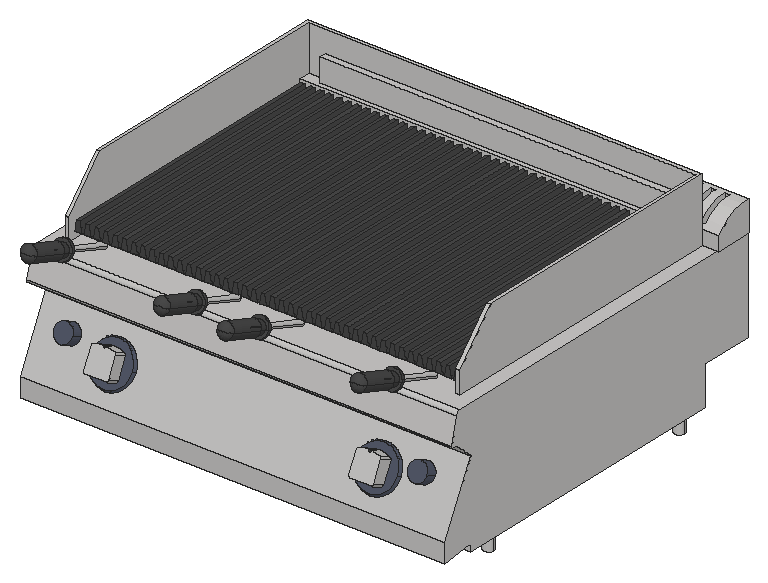
Revit family "QF_ZANUSSI_372045_Z7GRGHLC00", category Specialty Equipment, Revit 2018 (continued)
Automatic sketch dimensions
  Revolve 11 sketch curve to Revolve 11 sketch curve = 3.862 mm
  Revolve 11 sketch curve to Revolve 11 sketch curve = 15.473 mm
  Revolve 11 sketch curve to Revolve 11 sketch curve = 63.539 mm
  Revolve 11 sketch curve to Revolve 11 sketch curve = 4.679 mm
  Revolve 11 sketch curve to Revolve 11 sketch curve = 0.229 mm
  Revolve 11 sketch curve to Revolve 11 sketch curve = 14.082 mm
  Revolve 11 sketch curve to Revolve 11 sketch curve = 6.757 mm
  Extrusion 12 sketch curve to Extrusion 9 = 0 mm
  Extrusion 12 sketch curve to Extrusion 9 = 9.562 mm
  Extrusion 12 sketch curve to Extrusion 9 = 29.948 mm
  Extrusion 12 sketch curve to Extrusion 9 = 29.815 mm
  Extrusion 14 sketch curve to plane 9 "BASE" = 0 mm
  Extrusion 14 sketch curve to plane 14 = 50.304 mm
  Extrusion 14 sketch curve to Extrusion 14 sketch curve = 3.175 mm
  Extrusion 14 sketch curve to plane 9 "BASE" = 3.2 mm
  Extrusion 14 sketch curve to Extrusion 14 sketch curve = 20.171 mm
  level to Extrusion 14 sketch curve = 3.812 mm  (x2)
  Extrusion 14 sketch curve to plane 12 = 46.037 mm
  Extrusion 15 sketch curve to Extrusion 14 = 0 mm  (x3)
  Extrusion 14 to Extrusion 15 sketch curve = 0 mm
  Extrusion 19 sketch curve to plane 4 "RIGHT" = 88.812 mm
  Revolve 20 sketch curve to plane 4 "RIGHT" = 88.646 mm
  Revolve 20 sketch curve to Revolve 20 sketch curve = 0.2 mm
  Revolve 20 sketch curve to Revolve 20 sketch curve = 11.837 mm
  Revolve 20 sketch curve to Revolve 20 sketch curve = 2.728 mm
  Revolve 20 sketch curve to Revolve 20 sketch curve = 6.357 mm
  Revolve 20 sketch curve to Revolve 20 sketch curve = 10.428 mm
  Revolve 20 sketch curve to Revolve 20 sketch curve = 63.539 mm
  Revolve 20 sketch curve to Revolve 20 sketch curve = 15.473 mm
  Revolve 20 sketch curve to Revolve 20 sketch curve = 3.862 mm
  Revolve 20 sketch curve to Revolve 20 sketch curve = 0.229 mm
  Revolve 20 sketch curve to Revolve 20 sketch curve = 6.757 mm
  Revolve 20 sketch curve to Revolve 20 sketch curve = 14.082 mm
  plane 1 "BACK" to Extrusion 22 sketch curve = 6.761 mm  (x14)
  Extrusion 22 sketch curve to Extrusion 22 sketch curve = 57.15 mm
  Extrusion 22 sketch curve to Extrusion 22 sketch curve = 0 mm  (x13)
  plane 3 "LEFT" to Extrusion 22 sketch curve = 29.703 mm
  Extrusion 22 sketch curve to Extrusion 22 sketch curve = 9.296 mm  (x14)
  Extrusion 22 sketch curve to Extrusion 22 sketch curve = 16.193 mm  (x13)
  Blend 25 sketch curve to plane 4 "RIGHT" = 150 mm  (x2)
  Extrusion 26 sketch curve to plane 4 "RIGHT" = 173 mm
  Extrusion 26 sketch curve to Extrusion 26 sketch curve = 2.997 mm  (x3)
  Extrusion 26 sketch curve to Extrusion 26 sketch curve = 20.003 mm  (x2)
  Extrusion 26 sketch curve to Extrusion 26 sketch curve = 40.005 mm
  Extrusion 26 sketch curve to Extrusion 26 sketch curve = 5.399 mm
  Extrusion 26 sketch curve to Extrusion 26 sketch curve = 40.037 mm
  Extrusion 26 sketch curve to Extrusion 26 sketch curve = 0 mm  (x2)
  Extrusion 28 sketch curve to plane 4 "RIGHT" = 167.5 mm
  Extrusion 28 sketch curve to Extrusion 28 sketch curve = 35 mm  (x2)
  Split face 2 sketch curve to Split face 2 sketch curve = 6 mm
  Split face 2 sketch curve to Split face 2 sketch curve = 10 mm
  Split face 3 sketch curve to Split face 3 sketch curve = 5 mm
  Split face 3 sketch curve to Split face 3 sketch curve = 9 mm
  Split face 4 sketch curve to Split face 4 sketch curve = 5 mm
  Split face 5 sketch curve to Split face 5 sketch curve = 5 mm
  Extrusion 29 sketch curve to plane 4 "RIGHT" = 66 mm
  Extrusion 30 sketch curve to plane 4 "RIGHT" = 66 mm
  plane 3 "LEFT" to Blend 31 sketch curve = 150 mm  (x2)
  plane 3 "LEFT" to Extrusion 32 sketch curve = 127 mm
  Extrusion 32 sketch curve to Extrusion 32 sketch curve = 2.997 mm  (x3)
  Extrusion 32 sketch curve to Extrusion 32 sketch curve = 20.003 mm  (x2)
  Extrusion 32 sketch curve to Extrusion 32 sketch curve = 40.005 mm
  Extrusion 32 sketch curve to Extrusion 32 sketch curve = 5.399 mm
  Extrusion 32 sketch curve to Extrusion 32 sketch curve = 40.037 mm
  Extrusion 32 sketch curve to Extrusion 32 sketch curve = 0 mm  (x2)
  plane 3 "LEFT" to Extrusion 34 sketch curve = 132.5 mm
  Extrusion 34 sketch curve to Extrusion 34 sketch curve = 35 mm  (x2)
  Split face 10 sketch curve to Split face 10 sketch curve = 6 mm
  Split face 10 sketch curve to Split face 10 sketch curve = 10 mm
  Split face 11 sketch curve to Split face 11 sketch curve = 5 mm
  Split face 11 sketch curve to Split face 11 sketch curve = 9 mm
  Split face 12 sketch curve to Split face 12 sketch curve = 5 mm
  Split face 13 sketch curve to Split face 13 sketch curve = 5 mm
  plane 3 "LEFT" to Extrusion 35 sketch curve = 66 mm
  plane 3 "LEFT" to Extrusion 36 sketch curve = 66 mm
  curve 30 to plane 4 "RIGHT" = 0 mm
  plane 5 "FRONT" to curve 16 = 0 mm
  curve 5 to plane 3 "LEFT" = 0 mm
  plane 5 "FRONT" to curve 3 = 0 mm
  plane 1 "BACK" to curve 27 = 0 mm
  curve 14 to plane 4 "RIGHT" = 28.675 mm
  curve 14 to curve 9 = 6.35 mm
  curve 9 to curve 18 = 1.554 mm
  plane 3 "LEFT" to curve 18 = 36.446 mm
  curve 17 to curve 10 = 1.421 mm
  curve 7 to curve 12 = 6.35 mm
  curve 4 to plane 3 "LEFT" = 150.019 mm
  curve 3 to plane 1 "BACK" = 150.019 mm
  plane 1 "BACK" to curve 13 = 73.535 mm
  curve 13 to curve 10 = 6.35 mm
  curve 9 to curve 18 = 22.49 mm
  plane 11 to curve 15 = 47 mm
  plane 11 to curve 12 = 47 mm
  curve 6 to plane 5 "FRONT" = 0.004 mm
  curve 11 to plane 4 "RIGHT" = 69.456 mm
  curve 4 to plane 4 "RIGHT" = 107.856 mm
  curve 16 to curve 5 = 83.812 mm
  curve 30 to curve 12 = 3.685 mm
  curve 28 to curve 30 = 0 mm
  curve 19 to curve 9 = 0.421 mm
  curve 144 to plane 3 "LEFT" = 0 mm
  plane 14 to curve 180 = 0 mm
  plane 14 to curve 241 = 0 mm
  plane 5 "FRONT" to curve 179 = 0 mm
  plane 5 "FRONT" to curve 177 = 0 mm
  plane 5 "FRONT" to curve 243 = 0 mm
  plane 14 to curve 242 = 0 mm
  plane 1 "BACK" to curve 87 = 0 mm
  curve 87 to plane 7 "Center Y" = 0 mm
  plane 5 "FRONT" to curve 244 = 0 mm
  plane 14 to curve 245 = 0 mm
  plane 5 "FRONT" to curve 178 = 0 mm
  plane 5 "FRONT" to curve 246 = 0 mm
  plane 14 to curve 247 = 0 mm
  curve 247 to plane 4 "RIGHT" = 0 mm
  curve 246 to plane 4 "RIGHT" = 0 mm
  plane 1 "BACK" to curve 31 = 6.761 mm
  plane 3 "LEFT" to curve 31 = 29.703 mm
  curve 32 to curve 33 = 9.296 mm
  plane 1 "BACK" to curve 36 = 6.761 mm
  curve 31 to curve 36 = 16.193 mm
  curve 35 to curve 38 = 9.296 mm
  plane 5 "FRONT" to curve 193 = 27.733 mm
  plane 3 "LEFT" to curve 193 = 74.08 mm
  plane 5 "FRONT" to curve 193 = 13.194 mm
  curve 186 to curve 193 = 2.728 mm
  curve 37 to curve 40 = 16.193 mm
  curve 185 to curve 181 = 7.003 mm
  curve 191 to curve 190 = 14.795 mm
  curve 40 to curve 41 = 9.296 mm
  curve 181 to curve 182 = 10 mm
  curve 182 to curve 194 = 7.13 mm
  plane 1 "BACK" to curve 43 = 6.761 mm
  curve 39 to curve 43 = 16.193 mm
  curve 43 to curve 46 = 9.296 mm
  plane 5 "FRONT" to curve 145 = 9.347 mm
  curve 194 to curve 145 = 26.059 mm
  curve 145 to curve 146 = 0.809 mm
  curve 149 to curve 149 = 1.583 mm
  curve 146 to curve 147 = 1.846 mm
  curve 146 to curve 160 = 2.189 mm
  plane 1 "BACK" to curve 47 = 6.761 mm
  curve 43 to curve 47 = 16.193 mm
  curve 145 to curve 148 = 11.892 mm
  curve 48 to curve 50 = 9.296 mm
  plane 14 to curve 152 = 5.671 mm
  curve 149 to curve 152 = 20.417 mm
  curve 190 to curve 150 = 45.462 mm
  curve 150 to curve 159 = 1.738 mm
  curve 151 to curve 153 = 2 mm
  curve 49 to curve 53 = 16.193 mm
  curve 148 to curve 157 = 22.215 mm
  curve 52 to curve 54 = 9.296 mm
  curve 152 to curve 160 = 19.003 mm
  curve 160 to curve 156 = 0.343 mm
  curve 156 to curve 158 = 1.071 mm
  curve 156 to curve 155 = 2.189 mm
  curve 155 to curve 154 = 0.809 mm
  plane 1 "BACK" to curve 55 = 6.761 mm
  curve 51 to curve 55 = 16.193 mm
  curve 56 to curve 57 = 9.296 mm
  curve 57 to curve 60 = 16.193 mm
  curve 60 to curve 61 = 9.296 mm
  plane 1 "BACK" to curve 63 = 6.761 mm
  curve 59 to curve 63 = 16.193 mm
  curve 63 to curve 66 = 9.296 mm
  curve 65 to curve 69 = 16.193 mm
  curve 68 to curve 70 = 9.296 mm
  curve 69 to curve 72 = 16.193 mm
  curve 71 to curve 74 = 9.296 mm
  curve 73 to curve 77 = 16.193 mm
  curve 75 to curve 78 = 9.296 mm
  curve 206 to plane 7 "Center Y" = 74.868 mm
  plane 5 "FRONT" to curve 208 = 13.194 mm
  curve 201 to curve 208 = 2.728 mm
  curve 196 to plane 7 "Center Y" = 65.137 mm
  plane 1 "BACK" to curve 80 = 6.761 mm
  curve 75 to curve 80 = 16.193 mm
  curve 205 to curve 205 = 14.795 mm
  curve 80 to curve 81 = 9.296 mm
  curve 198 to curve 197 = 10 mm
  curve 198 to curve 209 = 7.13 mm
  plane 1 "BACK" to curve 84 = 6.761 mm
  curve 79 to curve 84 = 16.193 mm
  curve 83 to curve 86 = 9.296 mm
  plane 1 "BACK" to curve 140 = 6.761 mm
  plane 7 "Center Y" to curve 140 = 29.703 mm
  curve 142 to curve 142 = 9.296 mm
  plane 7 "Center Y" to curve 221 = 45.405 mm
  plane 5 "FRONT" to curve 223 = 13.194 mm
  curve 216 to curve 223 = 2.728 mm
  curve 223 to curve 211 = 7.003 mm
  curve 141 to curve 138 = 16.193 mm
  curve 220 to curve 220 = 14.795 mm
  curve 136 to curve 136 = 9.296 mm
  curve 225 to curve 212 = 10 mm
  curve 212 to curve 224 = 7.13 mm
  plane 1 "BACK" to curve 132 = 6.761 mm
  curve 136 to curve 132 = 16.193 mm
  curve 134 to curve 133 = 9.296 mm
  curve 133 to curve 130 = 16.193 mm
  curve 130 to curve 129 = 9.296 mm
  plane 1 "BACK" to curve 124 = 6.761 mm
  curve 128 to curve 124 = 16.193 mm
  curve 126 to curve 125 = 9.296 mm
  curve 125 to curve 123 = 16.193 mm
  curve 122 to curve 122 = 9.296 mm
  plane 1 "BACK" to curve 119 = 6.761 mm
  curve 120 to curve 119 = 16.193 mm
  curve 118 to curve 117 = 9.296 mm
  plane 1 "BACK" to curve 112 = 6.761 mm
  curve 116 to curve 112 = 16.193 mm
  curve 112 to curve 112 = 9.296 mm
  plane 5 "FRONT" to curve 170 = 9.347 mm
  curve 216 to curve 170 = 152.055 mm
  curve 171 to curve 171 = 0.809 mm
  curve 174 to curve 174 = 1.583 mm
  curve 171 to curve 172 = 1.846 mm
  curve 171 to curve 176 = 2.189 mm
  plane 1 "BACK" to curve 111 = 6.761 mm
  curve 112 to curve 111 = 16.193 mm
  curve 170 to curve 173 = 11.892 mm
  curve 108 to curve 109 = 9.296 mm
  plane 14 to curve 168 = 5.671 mm
  curve 174 to curve 168 = 20.417 mm
  curve 176 to curve 175 = 19.134 mm
  curve 175 to curve 166 = 1.738 mm
  curve 168 to curve 167 = 2 mm
  curve 109 to curve 107 = 16.193 mm
  curve 173 to curve 164 = 22.215 mm
  curve 106 to curve 106 = 9.296 mm
  curve 167 to curve 176 = 19.003 mm
  curve 163 to curve 163 = 0.343 mm
  curve 163 to curve 165 = 1.071 mm
  curve 163 to curve 162 = 2.189 mm
  curve 162 to curve 161 = 0.809 mm
  plane 1 "BACK" to curve 103 = 6.761 mm
  curve 104 to curve 103 = 16.193 mm
  curve 100 to curve 100 = 9.296 mm
  curve 161 to curve 236 = 23.457 mm
  plane 5 "FRONT" to curve 238 = 13.194 mm
  curve 231 to curve 238 = 2.728 mm
  curve 238 to curve 226 = 7.003 mm
  plane 1 "BACK" to curve 96 = 6.761 mm
  curve 100 to curve 96 = 16.193 mm
  curve 236 to curve 235 = 14.795 mm
  curve 228 to curve 227 = 10 mm
  curve 98 to curve 98 = 9.296 mm
  curve 228 to curve 239 = 7.13 mm
  curve 97 to curve 94 = 16.193 mm
  curve 92 to curve 93 = 9.296 mm
  curve 93 to curve 90 = 16.193 mm
  curve 88 to curve 88 = 9.296 mm
  curve 237 to curve 230 = 14.54 mm
  curve 209 to curve 209 = 14.54 mm
  curve 205 to curve 201 = 59.573 mm
  curve 235 to curve 231 = 59.573 mm
  curve 190 to curve 186 = 59.573 mm
  curve 220 to curve 215 = 74.112 mm
  curve 206 to curve 205 = 4.531 mm
  curve 236 to curve 235 = 4.531 mm
  curve 222 to curve 220 = 4.531 mm
  curve 192 to curve 190 = 4.531 mm
  curve 150 to curve 190 = 5.683 mm
  curve 175 to curve 232 = 5.683 mm
  curve 150 to curve 159 = 0 mm
  curve 175 to curve 166 = 0 mm
  curve 224 to curve 215 = 14.54 mm
  curve 176 to curve 171 = 1.333 mm
  curve 160 to curve 146 = 1.333 mm
  curve 215 to curve 211 = 3.621 mm
  curve 200 to curve 197 = 3.621 mm
  curve 185 to curve 181 = 3.621 mm
  curve 230 to curve 226 = 3.621 mm
  curve 156 to curve 155 = 1.333 mm
  curve 163 to curve 162 = 1.333 mm
  curve 146 to curve 147 = 2.779 mm
  curve 171 to curve 172 = 2.779 mm
  curve 162 to curve 163 = 2.779 mm
  curve 155 to curve 156 = 2.779 mm
  plane 14 to curve 174 = 7.106 mm
  plane 14 to curve 149 = 7.106 mm
  plane 14 to curve 158 = 7.106 mm
  plane 14 to curve 165 = 7.106 mm
  curve 148 to plane 14 = 36.239 mm
  curve 148 to curve 157 = 0 mm
  curve 173 to plane 14 = 36.239 mm
  curve 173 to curve 164 = 0 mm
  plane 11 to curve 211 = 30.603 mm
  plane 11 to curve 197 = 30.603 mm
  plane 11 to curve 226 = 30.603 mm
  plane 11 to curve 182 = 30.603 mm
  curve 130 to curve 132 = 57.15 mm
  curve 41 to curve 43 = 57.15 mm
  curve 129 to curve 127 = 0 mm
  curve 41 to curve 44 = 0 mm
  curve 125 to curve 123 = 0 mm
  curve 45 to curve 48 = 0 mm
  curve 38 to curve 40 = 0 mm
  curve 133 to curve 130 = 0 mm
  curve 121 to curve 119 = 0 mm
  curve 49 to curve 52 = 0 mm
  curve 117 to curve 115 = 0 mm
  curve 53 to curve 56 = 0 mm
  curve 113 to curve 111 = 0 mm
  curve 109 to curve 107 = 0 mm
  curve 138 to curve 134 = 0 mm
  curve 57 to curve 60 = 0 mm
  curve 105 to curve 103 = 0 mm
  curve 61 to curve 64 = 0 mm
  curve 101 to curve 99 = 0 mm
  curve 34 to curve 36 = 0 mm
  curve 141 to curve 138 = 0 mm
  curve 65 to curve 68 = 0 mm
  curve 97 to curve 95 = 0 mm
  curve 69 to curve 72 = 0 mm
  curve 93 to curve 91 = 0 mm
  curve 73 to curve 76 = 0 mm
  curve 77 to curve 86 = 0 mm
  curve 82 to curve 84 = 0 mm
  plane 1 "BACK" to curve 78 = 6.761 mm
  plane 1 "BACK" to curve 88 = 6.761 mm
  plane 1 "BACK" to curve 74 = 6.761 mm
  plane 1 "BACK" to curve 92 = 6.761 mm
  plane 1 "BACK" to curve 70 = 6.761 mm
  plane 1 "BACK" to curve 62 = 6.761 mm
  plane 1 "BACK" to curve 104 = 6.761 mm
  plane 1 "BACK" to curve 54 = 6.761 mm
  plane 1 "BACK" to curve 120 = 6.761 mm
  plane 1 "BACK" to curve 128 = 6.761 mm
  plane 1 "BACK" to curve 42 = 6.761 mm
  plane 1 "BACK" to curve 136 = 6.761 mm
  curve 180 to plane 14 = 3.305 mm
  curve 180 to curve 144 = 35.812 mm
  curve 180 to curve 180 = 1.605 mm
  curve 180 to curve 180 = 16.395 mm
  curve 188 to curve 193 = 6.357 mm
  curve 184 to curve 189 = 0 mm
  curve 188 to curve 185 = 0 mm  (x2)
  curve 183 to curve 184 = 0.063 mm
  curve 148 to curve 145 = 9.809 mm
  curve 149 to curve 149 = 0.284 mm
  curve 158 to curve 159 = 0.284 mm
  curve 154 to curve 157 = 9.809 mm
  curve 203 to curve 208 = 6.357 mm
  curve 199 to curve 203 = 0 mm
  curve 198 to curve 199 = 0.063 mm
  curve 204 to curve 200 = 0 mm
  curve 214 to curve 223 = 6.357 mm
  curve 219 to curve 214 = 0 mm
  curve 219 to curve 215 = 0 mm
  curve 213 to curve 214 = 0.063 mm
  curve 173 to curve 170 = 9.809 mm
  curve 174 to curve 174 = 0.284 mm
  curve 165 to curve 166 = 0.284 mm
  curve 161 to curve 164 = 9.809 mm
  curve 234 to curve 230 = 6.357 mm
  curve 229 to curve 234 = 0 mm
  curve 234 to curve 230 = 0 mm
  curve 228 to curve 229 = 0.063 mm
  curve 218 to curve 215 = 0 mm
  curve 233 to curve 230 = 0 mm
  curve 204 to curve 208 = 0 mm
  curve 189 to curve 184 = 3.629 mm
  curve 234 to curve 229 = 3.629 mm
  curve 219 to curve 214 = 3.629 mm
  curve 203 to curve 199 = 3.629 mm
  curve 174 to curve 174 = 0.567 mm
  curve 149 to curve 149 = 0.567 mm
  curve 158 to curve 158 = 0.567 mm
  curve 165 to curve 165 = 0.567 mm
  curve 87 to curve 85 = 5.939 mm
  plane 11 to Extrusion 1 sketch curve = 117.116 mm
  Extrusion 1 sketch curve to plane 6 "TOP" = 67.989 mm
  plane 11 to Extrusion 1 sketch curve = 101.999 mm
  Extrusion 1 sketch curve to Extrusion 1 sketch curve = 2.884 mm
  Extrusion 1 sketch curve to plane 13 = 129.474 mm
  Extrusion 1 sketch curve to Extrusion 1 sketch curve = 13.051 mm
  Extrusion 1 sketch curve to plane 6 "TOP" = 71.816 mm
  Extrusion 1 sketch curve to Extrusion 1 sketch curve = 10.198 mm
  Extrusion 1 sketch curve to plane 13 = 122 mm
  Extrusion 1 sketch curve to Extrusion 1 sketch curve = 56.355 mm
  Extrusion 1 sketch curve to Extrusion 1 sketch curve = 0.445 mm
  Extrusion 1 sketch curve to Extrusion 1 sketch curve = 3.2 mm
  Extrusion 1 sketch curve to plane 6 "TOP" = 103.636 mm
  Extrusion 1 sketch curve to Extrusion 1 sketch curve = 31.82 mm
  plane 1 "BACK" to Extrusion 1 sketch curve = 103 mm
  Extrusion 1 sketch curve to plane 1 "BACK" = 0 mm
  Extrusion 1 sketch curve to plane 10 "TOP A" = 176 mm
  Extrusion 1 sketch curve to plane 10 "TOP A" = 209.492 mm
  Extrusion 1 sketch curve to Extrusion 1 sketch curve = 27.08 mm
  Extrusion 1 sketch curve to Extrusion 1 sketch curve = 35 mm
  Extrusion 1 sketch curve to Extrusion 1 sketch curve = 74 mm
  radius of Extrusion 13 sketch curve = 5 mm
  radius of Extrusion 17 sketch curve = 5 mm
  radius of Extrusion 2 sketch curve = 9.525 mm  (x4)
  radius of Extrusion 3 sketch curve = 6.35 mm
  radius of Extrusion 10 sketch curve = 5 mm
  radius of Extrusion 19 sketch curve = 5 mm
  radius of Blend 25 sketch curve = 42.5 mm
  radius of Blend 25 sketch curve = 40.5 mm
  radius of Split face 1 sketch curve = 3 mm
  radius of Split face 6 sketch curve = 1.5 mm
  radius of Split face 7 sketch curve = 2.029 mm
  radius of Split face 8 sketch curve = 3.497 mm
  radius of Extrusion 29 sketch curve = 18 mm
  radius of Extrusion 30 sketch curve = 15 mm
  radius of Blend 31 sketch curve = 42.5 mm
  radius of Blend 31 sketch curve = 40.5 mm
  radius of Split face 9 sketch curve = 3 mm
  radius of Split face 14 sketch curve = 1.5 mm
  radius of Split face 15 sketch curve = 2.029 mm
  radius of Split face 16 sketch curve = 3.497 mm
  radius of Extrusion 35 sketch curve = 18 mm
  radius of Extrusion 36 sketch curve = 15 mm
Nested families
  nested 1: "QF_372045_GRILL" at (36.446, -102.375, 287.338), type "QF_372045_GRILL"
    with Type Mark "", Specification by User "", Revision Code "", Item Number "", Installed By "", Identify Quantity as Lot yes, Furnished By "", Foodservice Equipment Identifier yes
  nested 2: "QF_372045_GRILL" at (750.821, -102.375, 287.338), type "QF_372045_GRILL"
    with Type Mark "", Specification by User "", Revision Code "", Item Number "", Installed By "", Identify Quantity as Lot yes, Furnished By "", Foodservice Equipment Identifier yes
  nested 3: "QF_372045_GRILL" at (53.869, -102.375, 287.338), type "QF_372045_GRILL"
    with Type Mark "", Specification by User "", Revision Code "", Item Number "", Installed By "", Identify Quantity as Lot yes, Furnished By "", Foodservice Equipment Identifier yes
  nested 4: "QF_372045_GRILL" at (71.293, -102.375, 287.338), type "QF_372045_GRILL"
    with Type Mark "", Specification by User "", Revision Code "", Item Number "", Installed By "", Identify Quantity as Lot yes, Furnished By "", Foodservice Equipment Identifier yes
  nested 5: "QF_372045_GRILL" at (88.717, -102.375, 287.338), type "QF_372045_GRILL"
    with Type Mark "", Specification by User "", Revision Code "", Item Number "", Installed By "", Identify Quantity as Lot yes, Furnished By "", Foodservice Equipment Identifier yes
  nested 6: "QF_372045_GRILL" at (106.141, -102.375, 287.338), type "QF_372045_GRILL"
    with Type Mark "", Specification by User "", Revision Code "", Item Number "", Installed By "", Identify Quantity as Lot yes, Furnished By "", Foodservice Equipment Identifier yes
  nested 7: "QF_372045_GRILL" at (123.564, -102.375, 287.338), type "QF_372045_GRILL"
    with Type Mark "", Specification by User "", Revision Code "", Item Number "", Installed By "", Identify Quantity as Lot yes, Furnished By "", Foodservice Equipment Identifier yes
  nested 8: "QF_372045_GRILL" at (140.988, -102.375, 287.338), type "QF_372045_GRILL"
    with Type Mark "", Specification by User "", Revision Code "", Item Number "", Installed By "", Identify Quantity as Lot yes, Furnished By "", Foodservice Equipment Identifier yes
  nested 9: "QF_372045_GRILL" at (158.412, -102.375, 287.338), type "QF_372045_GRILL"
    with Type Mark "", Specification by User "", Revision Code "", Item Number "", Installed By "", Identify Quantity as Lot yes, Furnished By "", Foodservice Equipment Identifier yes
  nested 10: "QF_372045_GRILL" at (175.836, -102.375, 287.338), type "QF_372045_GRILL"
    with Type Mark "", Specification by User "", Revision Code "", Item Number "", Installed By "", Identify Quantity as Lot yes, Furnished By "", Foodservice Equipment Identifier yes
  nested 11: "QF_372045_GRILL" at (193.26, -102.375, 287.338), type "QF_372045_GRILL"
    with Type Mark "", Specification by User "", Revision Code "", Item Number "", Installed By "", Identify Quantity as Lot yes, Furnished By "", Foodservice Equipment Identifier yes
  nested 12: "QF_372045_GRILL" at (210.683, -102.375, 287.338), type "QF_372045_GRILL"
    with Type Mark "", Specification by User "", Revision Code "", Item Number "", Installed By "", Identify Quantity as Lot yes, Furnished By "", Foodservice Equipment Identifier yes
  nested 13: "QF_372045_GRILL" at (228.107, -102.375, 287.338), type "QF_372045_GRILL"
    with Type Mark "", Specification by User "", Revision Code "", Item Number "", Installed By "", Identify Quantity as Lot yes, Furnished By "", Foodservice Equipment Identifier yes
  nested 14: "QF_372045_GRILL" at (245.531, -102.375, 287.338), type "QF_372045_GRILL"
    with Type Mark "", Specification by User "", Revision Code "", Item Number "", Installed By "", Identify Quantity as Lot yes, Furnished By "", Foodservice Equipment Identifier yes
  nested 15: "QF_372045_GRILL" at (262.955, -102.375, 287.338), type "QF_372045_GRILL"
    with Type Mark "", Specification by User "", Revision Code "", Item Number "", Installed By "", Identify Quantity as Lot yes, Furnished By "", Foodservice Equipment Identifier yes
  nested 16: "QF_372045_GRILL" at (280.378, -102.375, 287.338), type "QF_372045_GRILL"
    with Type Mark "", Specification by User "", Revision Code "", Item Number "", Installed By "", Identify Quantity as Lot yes, Furnished By "", Foodservice Equipment Identifier yes
  nested 17: "QF_372045_GRILL" at (297.802, -102.375, 287.338), type "QF_372045_GRILL"
    with Type Mark "", Specification by User "", Revision Code "", Item Number "", Installed By "", Identify Quantity as Lot yes, Furnished By "", Foodservice Equipment Identifier yes
  nested 18: "QF_372045_GRILL" at (315.226, -102.375, 287.338), type "QF_372045_GRILL"
    with Type Mark "", Specification by User "", Revision Code "", Item Number "", Installed By "", Identify Quantity as Lot yes, Furnished By "", Foodservice Equipment Identifier yes
  nested 19: "QF_372045_GRILL" at (332.65, -102.375, 287.338), type "QF_372045_GRILL"
    with Type Mark "", Specification by User "", Revision Code "", Item Number "", Installed By "", Identify Quantity as Lot yes, Furnished By "", Foodservice Equipment Identifier yes
  nested 20: "QF_372045_GRILL" at (350.074, -102.375, 287.338), type "QF_372045_GRILL"
    with Type Mark "", Specification by User "", Revision Code "", Item Number "", Installed By "", Identify Quantity as Lot yes, Furnished By "", Foodservice Equipment Identifier yes
  nested 21: "QF_372045_GRILL" at (367.497, -102.375, 287.338), type "QF_372045_GRILL"
    with Type Mark "", Specification by User "", Revision Code "", Item Number "", Installed By "", Identify Quantity as Lot yes, Furnished By "", Foodservice Equipment Identifier yes
  nested 22: "QF_372045_GRILL" at (384.921, -102.375, 287.338), type "QF_372045_GRILL"
    with Type Mark "", Specification by User "", Revision Code "", Item Number "", Installed By "", Identify Quantity as Lot yes, Furnished By "", Foodservice Equipment Identifier yes
  nested 23: "QF_372045_GRILL" at (402.345, -102.375, 287.338), type "QF_372045_GRILL"
    with Type Mark "", Specification by User "", Revision Code "", Item Number "", Installed By "", Identify Quantity as Lot yes, Furnished By "", Foodservice Equipment Identifier yes
  nested 24: "QF_372045_GRILL" at (419.769, -102.375, 287.338), type "QF_372045_GRILL"
    with Type Mark "", Specification by User "", Revision Code "", Item Number "", Installed By "", Identify Quantity as Lot yes, Furnished By "", Foodservice Equipment Identifier yes
  nested 25: "QF_372045_GRILL" at (437.192, -102.375, 287.338), type "QF_372045_GRILL"
    with Type Mark "", Specification by User "", Revision Code "", Item Number "", Installed By "", Identify Quantity as Lot yes, Furnished By "", Foodservice Equipment Identifier yes
  nested 26: "QF_372045_GRILL" at (454.616, -102.375, 287.338), type "QF_372045_GRILL"
    with Type Mark "", Specification by User "", Revision Code "", Item Number "", Installed By "", Identify Quantity as Lot yes, Furnished By "", Foodservice Equipment Identifier yes
  nested 27: "QF_372045_GRILL" at (472.04, -102.375, 287.338), type "QF_372045_GRILL"
    with Type Mark "", Specification by User "", Revision Code "", Item Number "", Installed By "", Identify Quantity as Lot yes, Furnished By "", Foodservice Equipment Identifier yes
  nested 28: "QF_372045_GRILL" at (489.464, -102.375, 287.338), type "QF_372045_GRILL"
    with Type Mark "", Specification by User "", Revision Code "", Item Number "", Installed By "", Identify Quantity as Lot yes, Furnished By "", Foodservice Equipment Identifier yes
  nested 29: "QF_372045_GRILL" at (506.888, -102.375, 287.338), type "QF_372045_GRILL"
    with Type Mark "", Specification by User "", Revision Code "", Item Number "", Installed By "", Identify Quantity as Lot yes, Furnished By "", Foodservice Equipment Identifier yes
  nested 30: "QF_372045_GRILL" at (524.311, -102.375, 287.338), type "QF_372045_GRILL"
    with Type Mark "", Specification by User "", Revision Code "", Item Number "", Installed By "", Identify Quantity as Lot yes, Furnished By "", Foodservice Equipment Identifier yes
  nested 31: "QF_372045_GRILL" at (541.735, -102.375, 287.338), type "QF_372045_GRILL"
    with Type Mark "", Specification by User "", Revision Code "", Item Number "", Installed By "", Identify Quantity as Lot yes, Furnished By "", Foodservice Equipment Identifier yes
  nested 32: "QF_372045_GRILL" at (559.159, -102.375, 287.338), type "QF_372045_GRILL"
    with Type Mark "", Specification by User "", Revision Code "", Item Number "", Installed By "", Identify Quantity as Lot yes, Furnished By "", Foodservice Equipment Identifier yes
  nested 33: "QF_372045_GRILL" at (576.583, -102.375, 287.338), type "QF_372045_GRILL"
    with Type Mark "", Specification by User "", Revision Code "", Item Number "", Installed By "", Identify Quantity as Lot yes, Furnished By "", Foodservice Equipment Identifier yes
  nested 34: "QF_372045_GRILL" at (594.007, -102.375, 287.338), type "QF_372045_GRILL"
    with Type Mark "", Specification by User "", Revision Code "", Item Number "", Installed By "", Identify Quantity as Lot yes, Furnished By "", Foodservice Equipment Identifier yes
  nested 35: "QF_372045_GRILL" at (611.43, -102.375, 287.338), type "QF_372045_GRILL"
    with Type Mark "", Specification by User "", Revision Code "", Item Number "", Installed By "", Identify Quantity as Lot yes, Furnished By "", Foodservice Equipment Identifier yes
  nested 36: "QF_372045_GRILL" at (628.854, -102.375, 287.338), type "QF_372045_GRILL"
    with Type Mark "", Specification by User "", Revision Code "", Item Number "", Installed By "", Identify Quantity as Lot yes, Furnished By "", Foodservice Equipment Identifier yes
  nested 37: "QF_372045_GRILL" at (646.278, -102.375, 287.338), type "QF_372045_GRILL"
    with Type Mark "", Specification by User "", Revision Code "", Item Number "", Installed By "", Identify Quantity as Lot yes, Furnished By "", Foodservice Equipment Identifier yes
  nested 38: "QF_372045_GRILL" at (663.702, -102.375, 287.338), type "QF_372045_GRILL"
    with Type Mark "", Specification by User "", Revision Code "", Item Number "", Installed By "", Identify Quantity as Lot yes, Furnished By "", Foodservice Equipment Identifier yes
  nested 39: "QF_372045_GRILL" at (681.125, -102.375, 287.338), type "QF_372045_GRILL"
    with Type Mark "", Specification by User "", Revision Code "", Item Number "", Installed By "", Identify Quantity as Lot yes, Furnished By "", Foodservice Equipment Identifier yes
  nested 40: "QF_372045_GRILL" at (698.549, -102.375, 287.338), type "QF_372045_GRILL"
    with Type Mark "", Specification by User "", Revision Code "", Item Number "", Installed By "", Identify Quantity as Lot yes, Furnished By "", Foodservice Equipment Identifier yes
  nested 41: "QF_372045_GRILL" at (715.973, -102.375, 287.338), type "QF_372045_GRILL"
    with Type Mark "", Specification by User "", Revision Code "", Item Number "", Installed By "", Identify Quantity as Lot yes, Furnished By "", Foodservice Equipment Identifier yes
  nested 42: "QF_372045_GRILL" at (733.397, -102.375, 287.338), type "QF_372045_GRILL"
    with Type Mark "", Specification by User "", Revision Code "", Item Number "", Installed By "", Identify Quantity as Lot yes, Furnished By "", Foodservice Equipment Identifier yes
Connectors
  piping at (747.613, -98.425, 57.906), diameter 12.7, driven by "Gas Size"
    settings: on Extrusion 3, index 2, connector inside diameter 1/2", connector length 0 mm, flow factor 0, pipe flow 0 GPM, pressure drop 0.00 psi, fitting loss kfactor 0, connector angle 0.00°, fixture units 0, engagement length 0 mm, angle of deflection 0.00°, flow configuration 1, flow direction 1, fitting loss method 0, system type 7, joint type 0, gender type 0, connector reference index -1, connector utility 0, adjustable connector no, is connector primary yes, connector description "Gas Connection"
Definition of nested family "QF_372045_GRILL"
  Parameters
    Weight in Pounds = 0
    URL Cutsheet = ""
    URL = ""
    Type Mark [instance] = ""
    Specification by User [instance] = ""
    Specification by Manufacturer = ""
    Serial Number = ""
    Seismic Rating = ""
    SMACNA No = ""
    Revision Code [instance] = ""
    Omniclass Number and Title = ""
    NAFEM Spec ID Number = ""
    Model = ""
    Masterspec = ""
    Manufacturer = ""
    Item Number [instance] = ""
    Installed By [instance] = ""
    Identify Quantity as Lot [instance] = yes
    Furnished By [instance] = ""
    Foodservice Equipment Identifier [instance] = yes
    Description = ""
    CSI MasterFormat = ""
    CSI Master Format = ""
    Assembly Code = ""
  Reference planes
    plane 1 "BACK": y = 0
    plane 2: z = 0
    plane 3 "LEFT": x = 0
    plane 4 "RIGHT": x = 12.7
    plane 5 "FRONT": y = -529.58
    plane 6 "TOP": z = 19.576
    plane 7 "Center Y": x = 6.35
    plane 8 "Center X": y = -264.79
    plane 9: y = -147.637
  Forms (mm)
    Extrusion 1, solid
      sketch origin (-1.421, -501.68, -12.7) x (1, 0, 0) y (0, 0, 1)
        loop
          line (1.421, 12.7) -> (14.121, 12.7) -> (11.081, 32.276) -> (4.46, 32.276) -> (1.421, 12.7)
      from 27.9 to -501.68
  Lines and regions (mm)
    symbolic lines
      curve 1: line (0, 0, 0) -> (12.7, 0, 0)
      curve 2: line (0, -529.58, 0) -> (0, 0, 0)
      curve 3: line (12.7, -529.58, 0) -> (0, -529.58, 0)
      curve 4: line (12.7, 0, 0) -> (12.7, -529.58, 0)
  Dimensions and locks
    equal spacing: plane 3 "LEFT", plane 7 "Center Y", plane 4 "RIGHT"
    plane 3 "LEFT" to plane 4 "RIGHT" = 12.7 mm
    equal spacing: plane 5 "FRONT", plane 8 "Center X", plane 1 "BACK"
    plane 5 "FRONT" to plane 1 "BACK" = 529.58 mm
    plane 6 "TOP" to level = 19.576 mm
    plane 1 "BACK" to plane 5 "FRONT" = 529.58 mm
    aligned and locked: level to plane 2
  Automatic sketch dimensions
    Extrusion 1 sketch curve to level = 0 mm
    Extrusion 1 sketch curve to plane 3 "LEFT" = 0 mm
    Extrusion 1 sketch curve to plane 6 "TOP" = 0 mm
    Extrusion 1 sketch curve to plane 4 "RIGHT" = 0 mm
    plane 3 "LEFT" to Extrusion 1 sketch curve = 3.039 mm
    Extrusion 1 sketch curve to plane 4 "RIGHT" = 3.039 mm
    plane 1 "BACK" to curve 1 = 0 mm
    curve 1 to plane 3 "LEFT" = 0 mm
    curve 4 to plane 4 "RIGHT" = 0 mm
    plane 5 "FRONT" to curve 2 = 0 mm
